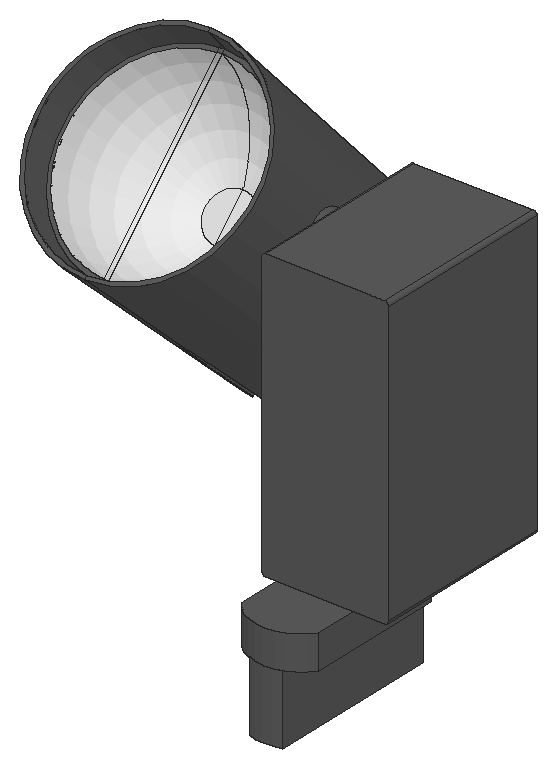
Revit family "0004939 Feilo Sylvania Lighting Fixture START TRACK SPOT S DALI 1262LM 930 MB BLK", category Lighting Fixtures, host Face, Revit 2017
Family settings
  Host = Face
  Round Connector Dimension = Use Diameter
  Part Type = Normal
  OmniClass Number = 23.80.70.00
  OmniClass Title = Lighting
  Cut with Voids When Loaded = No
  Light Source = No
  Shared = No
  Room Calculation Point = No
Parameters (values of type "0004939 START TRACK SPOT S DALI 1262LM 930 MB BLK")
  Weight = "0.94 kg"
  Wattage Comments = ""
  WarrantyStartDate [instance] = "n/a"
  WarrantyGuarantorParts = "n/a"
  WarrantyDurationUnit = "n/a"
  WarrantyDurationParts = "n/a"
  WarrantyDescription = "n/a"
  Voltage = 230 V
  URL = "http://www.sylvania-lighting.com/"
  TypeName = "START TRACK SPOT S DALI 1262LM 930 MB BLK"
  TypeHead_FEILO = Start Track Spot Head : 0004884 START TRACK SPOT S 14W 3K RA90 MB BLACK
  TypeBox_FEILO = Start Track Spot Box : Type Small Black
  Type Image = <None>
  Type Comments = "n/a"
  VerticalRotation_FEILO [instance] = 0.00°
  SlideEndAngle_FEILO [instance] = VerticalRotation_FEILO + 180.00°  # 180.00°
  SerialNumber [instance] = "n/a"
  Material_3_FEILO = none
  PowerFactor = 0.92
  PowerConsumption = "14 W"
  NominalLength = 0 mm
  NominalHeight = 200 mm
  NominalDepth = 140 mm
  Name = "START TRACK SPOT S DALI 1262LM 930 MB BLK"
  ModelReference = Name  # "START TRACK SPOT S DALI 1262LM 930 MB BLK"
  ModelNumber = "0004939"
  Model = Name  # "START TRACK SPOT S DALI 1262LM 930 MB BLK"
  Material = "adc12 aluminium housing, polycarbonate diffuser"
  ManufacturerName = "Feilo Sylvania"
  Manufacturer = "Feilo Sylvania"
  LuminousEfficacy = "90 lm/W"
  LuminaireType = ""
  LightOutputRatio = "100"
  LampsType = Lamp  # "LED"
  LampNominalLuminous = "1262 lm"
  LampMacAdamStep = "3"
  LampColourTemperature = "3000 K"
  LampColourRenderingIndex = "90"
  Lamp = "LED"
  Keynote = "16500"
  InstallationDate [instance] = "n/a"
  InputVoltage = "230-240V~"
  InputNominalFrequency = "50/60 Hz"
  IngressProtection = "IP20"
  ImpactProtectionIndex = "IK02"
  IfcExportType = "IfcLightFixtureType"
  IfcExportAs = "IfcLightFixtureType"
  HorizontalRotation_FEILO [instance] = 45.00°
  ExpectedLife = 50000
  ElectricShockClassification = "Class II"
  DurationUnit = "hours"
  DocumentationLiterature = "http://www.sylvania-lighting.com/product/en-int/products/0004884"
  DimmingControlOptions = "Dimmable"
  Material_2_FEILO = none
  Description = "Integrated LED spotlight, Textured Black - RAL9005, compact and minimalist design, ideal for retail applications, die-cast aluminium body, passive cooling heatsink. Beam angle: 36°, color temperature: 3000K , total system power: 14W, total fixture output: 1262 lm, LOR: 100%, colour rendering: Ra: 90 typical, LED Chromaticity: 3 step MacAdam ellipse, lifetime: >50000 hours at L70B50, energy class: A++, A+, A, IR/UV free light source without heat radiation, operating voltage: 220-240V / 50-60Hz, drive current: 350mA, electronic driver, non-dimmable, power factor: 0.92, electrical protection: Class II, Global Track 3 Phase adapter suitable for Global trac 3-circuit tracks, ingress protection rating: IP20, suitable for internal environment only, horizontal rotation: 355°, vertical tilt: 90°, dimensions: Ø86x140x200, weight: 0.940kg."
  Default Elevation = 1219.2 mm
  CreatedOn = "04/26/2018"
  CreatedBy = ""
  Cost = 0
  built-in parameter 1114216 [instance] = (empty or 0)
  ClassificationValue = "EF_70_80"
  ClassificationName = "Uniclass2015"
  Material_1_FEILO = Body-Sylvania-StartTrackSpot-Black
  BarCode [instance] = "n/a"
  AssetType = "Fixed"
  AssetIdentifier [instance] = "n/a"
  Assembly Code = "D5020200"
  Apparent Load = 14 VA
  Material_4_FEILO = none
Reference planes
  plane 1 "Center (Front/Back)": y = 0
  plane 2: z = 0
  plane 3 "Center (Left/Right)": x = 0
  plane 4: x = 15
  plane 5: x = -15
  plane 6: y = 35
  plane 7: y = -35
  plane 8: z = 13
  plane 9: z = -27
  plane 10: x = 6.5
  plane 11: x = -6.5
  plane 12: y = 27
  plane 13: y = -27
  plane 14: y = 20
Forms (mm)
  Extrusion 1, solid, material "Body-Sylvania-StartTrackSpot-Black" <- "Material_1_FEILO"
    sketch origin (0, 0, 0) x (1, 0, 0) y (0, 1, 0)
      loop
        line (-15, 27) -> (-15, -27)
        arc (-15, -27) -> (0, -35) -> (15, -27) r 18.062
        line (15, -27) -> (15, 27)
        arc (15, 27) -> (0, 35) -> (-15, 27) r 18.062
    from 0 to 13
  Extrusion 2, solid, material "Body-Sylvania-StartTrackSpot-Black" <- "Material_1_FEILO"
    sketch origin (0, 0, 0) x (1, 0, 0) y (0, 1, 0)
      loop
        arc (6.5, 33.79) -> (0, 35) -> (-6.5, 33.79) r 18.062
        line (-6.5, 33.79) -> (-6.5, -33.79)
        arc (-6.5, -33.79) -> (0, -35) -> (6.5, -33.79) r 18.062
        line (6.5, -33.79) -> (6.5, 33.79)
    from 0 to -27
  Revolve 3, solid, not visible
    sketch origin (1524, 20, 1219.2) x (1, 0, 0) y (0, 0, 1)
      loop
        line (-1524, -1206.2) -> (-1524, -1191.285) -> (-1530.5, -1191.285) -> (-1530.5, -1206.2) -> (-1524, -1206.2)
      axis (-1524, -1191.285) -> (-1524, -1206.2)
    angle from 0 <- "VerticalRotation_FEILO" to 180 <- "SlideEndAngle_FEILO"
Cuts and joins
  joined: Extrusion 1, Extrusion 2
Dimensions and locks
  equal spacing: plane 10, plane 3 "Center (Left/Right)", plane 11
  equal spacing: plane 4, plane 3 "Center (Left/Right)", plane 5
  locked: plane 8 to plane 2 at 13
  locked: plane 8 to plane 9 at 40
  equal spacing: plane 13, plane 1 "Center (Front/Back)", plane 12
  locked: plane 12 to plane 6 at 8
  locked: plane 14 to plane 6 at 15
  locked: Revolve 3 sketch curve to plane 8 at 14.915
  aligned and locked: plane 2 to host face
  aligned and locked: level to host face
  aligned and locked: plane 5 to Extrusion 1 sketch curve  (x2)
  aligned and locked: plane 12 to Extrusion 1 sketch curve
  aligned and locked: plane 13 to Extrusion 1 sketch curve
  aligned and locked: plane 4 to Extrusion 1 sketch curve
  aligned and locked: Extrusion 1 to plane 8
  aligned and locked: Extrusion 1 to level
  aligned and locked: Extrusion 2 sketch curve to Extrusion 1  (x2)
  aligned and locked: Extrusion 2 sketch curve to plane 11
  aligned and locked: plane 10 to Extrusion 2 sketch curve
  aligned and locked: plane 9 to Extrusion 2
  aligned and locked: level to Extrusion 2
  aligned and locked: Revolve 3 sketch curve to plane 3 "Center (Left/Right)"  (x2)
  aligned and locked: plane 11 to Revolve 3 sketch curve
  aligned and locked: Revolve 3 sketch curve to plane 8
Automatic sketch dimensions
  host sketch curve to host sketch curve = 2438.4 mm  (x2)
  Extrusion 1 sketch curve to plane 3 "Center (Left/Right)" = 0 mm  (x2)
  Extrusion 1 sketch curve to plane 13 = 10.062 mm
  plane 12 to Extrusion 1 sketch curve = 10.062 mm
  Revolve 3 sketch curve to plane 3 "Center (Left/Right)" = 0 mm
  plane 9 to Revolve 3 sketch curve = 582.6 mm
  Revolve 3 sketch curve to Revolve 3 sketch curve = 2581.144 mm
Nested families
  nested 1: "Start Track Spot Head" at (-62, 20, 112.529) x (0, 0.7071, 0.7071) z (0, 0.7071, -0.7071), type <- "TypeHead_FEILO", type "0004884 START TRACK SPOT S 14W 3K RA90 MB BLACK"
    with built-in parameter 1114216 (empty or 0)
  nested 2: "Start Track Spot Box" at (8.5, 20, 73) x (-1, 0, 0) z (0, -1, 0), BoxStartAngle_FEILO <- "HorizontalRotation_FEILO", type <- "TypeBox_FEILO", type "Type Small Black"
    with BoxStartAngle_FEILO 45.00°, BoxEndAngle_FEILO -135.00°
Connectors
  electrical at (0, 0, 0), driven by "Apparent Load", driven by "PowerFactor", driven by "Voltage"
    settings: index 1, voltage 230 V, apparent load 14 VA, apparent load phase1 0 VA, apparent load phase2 0 VA, apparent load phase3 0 VA, power factor 0.92, load classification "Lighting", number of poles 1, system type 30, power factor state 1, is connector primary yes, connector utility no, sub classification motor no, connector description ""
Definition of nested family "Start Track Spot Head"
  Parameters (values of type "0004811 START TRACK SPOT S 14W 3K RA80 NB WHITE")
    Wattage Comments = "n/a"
    Wattage = 14 W
    built-in parameter 1150110 = 1 (stored number, unit not read)
    URL = "http://www.feilosylvania.com"
    Type Image = (empty or 0)
    Type Comments = "n/a"
    built-in parameter 1114217 = 1 (stored number, unit not read)
    Tilt Angle = -90.00°
    built-in parameter 1150109 = 1 (stored number, unit not read)
    built-in parameter 1150134 = (empty or 0)
    built-in parameter 1150113 = 1 (stored number, unit not read)
    Photometric Web File = "0004811.ies"
    Material_3_FEILO = none
    Model = "START TRACK SPOT S 14W 3K RA80 NB WHITE"
    Manufacturer = "Feilo Sylvania"
    built-in parameter 1150105 = 123.66 (stored number, unit not read)
    Lumens = 1554 lm
    built-in parameter 1150115 = 1 (stored number, unit not read)
    built-in parameter 1150137 = (empty or 0)
    built-in parameter 1150139 = (empty or 0)
    built-in parameter 1150112 = 1 (stored number, unit not read)
    built-in parameter 1150114 = 1 (stored number, unit not read)
    Lamp = "LED"
    Keynote = "16500"
    Material_2_FEILO = none
    built-in parameter 1150132 = (empty or 0)
    built-in parameter 1150102 = (empty or 0)
    built-in parameter 1150107 = 3000 (stored number, unit not read)
    built-in parameter 1150138 = (empty or 0)
    built-in parameter 1150106 = 1.2366 (stored number, unit not read)
    HeadThickness_FEILO = if(HeadDiaOut_FEILO > 112 mm, 2 mm, 1.5 mm)  # 1.5 mm
    HeadRibOffset_FEILO = HeadHeight_FEILO / 28  # 4.179 mm
    HeadRibDepth_FEILO = HeadHeight_FEILO / 2.1  # 55.714 mm
    HeadRibCutWidth_FEILO = HeadDiaOut_FEILO / 12  # 7.167 mm
    HeadRibCutOffset_FEILO = HeadHeight_FEILO / 2.3  # 50.87 mm
    HeadReflectorRadius_FEILO = HeadDiaOut_FEILO / 1.7  # 50.588 mm
    HeadReflectorOffset_FEILO = HeadHeight_FEILO / 2.1  # 55.714 mm
    HeadLEDRadius_FEILO = HeadDiaOut_FEILO / 9  # 9.556 mm
    HeadHeight_FEILO = 117 mm
    HeadDraft_FEILO = 1 mm
    HeadDiffusorThickness_FEILO = 3 mm
    HeadDiffusorOffset_FEILO = HeadHeight_FEILO / 12.4  # 9.435 mm
    HeadDiaOut_FEILO = 86 mm
    HeadDiaIn_FEILO = HeadDiaOut_FEILO / 1.11  # 77.477 mm
    HeadAxisFromTop_FEILO = HeadHeight_FEILO / 1.687  # 69.354 mm
    Emit from Circle Diameter = HeadDiaIn_FEILO  # 77.477 mm
    Emit Shape Visible in Rendering = no
    built-in parameter 1150104 = 10.312 (stored number, unit not read)
    Dimming Lamp Color Temperature Shift = (empty or 0)
    Description = "Integrated LED spotlight, Textured White - RAL9016, compact and minimalist design, ideal for retail applications, die-cast aluminium body, passive cooling heatsink. Beam angle: 12°, color temperature: 3000K , total system power: 14W, total fixture output: 1551 lm, LOR: 100%, colour rendering: Ra: 80 typical, LED Chromaticity: 3 step MacAdam ellipse, lifetime: >50000 hours at L70B50, energy class: A++, A+, A, IR/UV free light source without heat radiation, operating voltage: 220-240V / 50-60Hz, drive current: 350mA, electronic driver, non-dimmable, power factor: 0.92, electrical protection: Class II, Global Track 3 Phase adapter suitable for Global trac 3-circuit tracks, ingress protection rating: IP20, suitable for internal environment only, horizontal rotation: 355°, vertical tilt: 90°, dimensions: Ø86x140x200, weight: 0.940kg."
    Default Elevation = 1219.2 mm
    Cost = 0
    Color Filter = 16777215
    built-in parameter 1114216 [instance] = (empty or 0)
    Material_1_FEILO = none
    built-in parameter 1114218 = 1 (stored number, unit not read)
    built-in parameter 1150133 = 10 (stored number, unit not read)
    Assembly Code = "D5020200"
    Apparent Load = 14 VA
    Material_4_FEILO = none
  Types (96, lengths in mm): name | Wattage | built-in parameter 1150134 | Photometric Web File | Model | built-in parameter 1150105 | Lumens | built-in parameter 1150107 | built-in parameter 1150106 | HeadThickness_FEILO | HeadRibOffset_FEILO | HeadRibDepth_FEILO | HeadRibCutWidth_FEILO | HeadRibCutOffset_FEILO | HeadReflectorRadius_FEILO | HeadReflectorOffset_FEILO | HeadLEDRadius_FEILO | HeadHeight_FEILO | HeadDiffusorOffset_FEILO | HeadDiaOut_FEILO | HeadDiaIn_FEILO | HeadAxisFromTop_FEILO | Emit from Circle Diameter | built-in parameter 1150104 | Description | Apparent Load
    0004906 START TRACK SPOT L 55W 4K RA90 WB BLACK | 55 W | 12 | "0004906.ies" | "START TRACK SPOT L 55W 4K RA90 WB BLACK" | 385.15 (stored number, unit not read) | 4840 lm | 4000 (stored number, unit not read) | 3.8515 (stored number, unit not read) | 2 | 4.429 | 59.048 | 9.417 | 53.913 | 66.471 | 59.048 | 12.556 | 124 | 10 | 113 | 101.802 | 73.503 | 101.802 | 8.1755 (stored number, unit not read) | "Integrated LED spotlight, Textured Black - RAL9005, compact and minimalist design, ideal for retail applications, die-cast aluminium body, passive cooling heatsink. Beam angle: 52°, color temperature: 4000K , total system power: 55W, total fixture output: 4824 lm, LOR: 100%, colour rendering: Ra: 90 typical, LED Chromaticity: 3 step MacAdam ellipse, lifetime: >50000 hours at L70B50, energy class: A++, A+, A, IR/UV free light source without heat radiation, operating voltage: 220-240V / 50-60Hz, drive current: 1400mA, electronic driver, non-dimmable, power factor: 0.96, electrical protection: Class II, Global Track 3 Phase adapter suitable for Global trac 3-circuit tracks, ingress protection rating: IP20, suitable for internal environment only, horizontal rotation: 355°, vertical tilt: 90°, dimensions: Ø113x164x240, weight: 1.398kg." | 55 VA
    0004905 START TRACK SPOT L 55W 4K RA90 MB BLACK | 55 W | 12 | "0004905.ies" | "START TRACK SPOT L 55W 4K RA90 MB BLACK" | 389.53 (stored number, unit not read) | 4895 lm | 4000 (stored number, unit not read) | 3.8953 (stored number, unit not read) | 2 | 4.429 | 59.048 | 9.417 | 53.913 | 66.471 | 59.048 | 12.556 | 124 | 10 | 113 | 101.802 | 73.503 | 101.802 | 8.2684 (stored number, unit not read) | "Integrated LED spotlight, Textured Black - RAL9005, compact and minimalist design, ideal for retail applications, die-cast aluminium body, passive cooling heatsink. Beam angle: 38°, color temperature: 4000K , total system power: 55W, total fixture output: 4897 lm, LOR: 100%, colour rendering: Ra: 90 typical, LED Chromaticity: 3 step MacAdam ellipse, lifetime: >50000 hours at L70B50, energy class: A++, A+, A, IR/UV free light source without heat radiation, operating voltage: 220-240V / 50-60Hz, drive current: 1400mA, electronic driver, non-dimmable, power factor: 0.96, electrical protection: Class II, Global Track 3 Phase adapter suitable for Global trac 3-circuit tracks, ingress protection rating: IP20, suitable for internal environment only, horizontal rotation: 355°, vertical tilt: 90°, dimensions: Ø113x164x240, weight: 1.398kg." | 55 VA
    0004904 START TRACK SPOT L 55W 4K RA90 NB BLACK | 55 W | 12 | "0004904.ies" | "START TRACK SPOT L 55W 4K RA90 NB BLACK" | 393.91 (stored number, unit not read) | 4950 lm | 4000 (stored number, unit not read) | 3.9391 (stored number, unit not read) | 2 | 4.429 | 59.048 | 9.417 | 53.913 | 66.471 | 59.048 | 12.556 | 124 | 10 | 113 | 101.802 | 73.503 | 101.802 | 8.3613 (stored number, unit not read) | "Integrated LED spotlight, Textured Black - RAL9005, compact and minimalist design, ideal for retail applications, die-cast aluminium body, passive cooling heatsink. Beam angle: 15°, color temperature: 4000K , total system power: 55W, total fixture output: 4965 lm, LOR: 100%, colour rendering: Ra: 90 typical, LED Chromaticity: 3 step MacAdam ellipse, lifetime: >50000 hours at L70B50, energy class: A++, A+, A, IR/UV free light source without heat radiation, operating voltage: 220-240V / 50-60Hz, drive current: 1400mA, electronic driver, non-dimmable, power factor: 0.96, electrical protection: Class II, Global Track 3 Phase adapter suitable for Global trac 3-circuit tracks, ingress protection rating: IP20, suitable for internal environment only, horizontal rotation: 355°, vertical tilt: 90°, dimensions: Ø113x164x240, weight: 1.398kg." | 55 VA
    0004903 START TRACK SPOT L 35W 4K RA90 WB BLACK | 35 W | 12 | "0004903.ies" | "START TRACK SPOT L 35W 4K RA90 WB BLACK" | 284.09 (stored number, unit not read) | 3570 lm | 4000 (stored number, unit not read) | 2.8409 (stored number, unit not read) | 2 | 4.429 | 59.048 | 9.417 | 53.913 | 66.471 | 59.048 | 12.556 | 124 | 10 | 113 | 101.802 | 73.503 | 101.802 | 9.4761 (stored number, unit not read) | "Integrated LED spotlight, Textured Black - RAL9005, compact and minimalist design, ideal for retail applications, die-cast aluminium body, passive cooling heatsink. Beam angle: 52°, color temperature: 4000K , total system power: 35W, total fixture output: 3562 lm, LOR: 100%, colour rendering: Ra: 90 typical, LED Chromaticity: 3 step MacAdam ellipse, lifetime: >50000 hours at L70B50, energy class: A++, A+, A, IR/UV free light source without heat radiation, operating voltage: 220-240V / 50-60Hz, drive current: 900mA, electronic driver, non-dimmable, power factor: 0.93, electrical protection: Class II, Global Track 3 Phase adapter suitable for Global trac 3-circuit tracks, ingress protection rating: IP20, suitable for internal environment only, horizontal rotation: 355°, vertical tilt: 90°, dimensions: Ø113x164x240, weight: 1.368kg." | 35 VA
    0004902 START TRACK SPOT L 35W 4K RA90 MB BLACK | 35 W | 12 | "0004902.ies" | "START TRACK SPOT L 35W 4K RA90 MB BLACK" | 286.88 (stored number, unit not read) | 3605 lm | 4000 (stored number, unit not read) | 2.8688 (stored number, unit not read) | 2 | 4.429 | 59.048 | 9.417 | 53.913 | 66.471 | 59.048 | 12.556 | 124 | 10 | 113 | 101.802 | 73.503 | 101.802 | 9.569 (stored number, unit not read) | "Integrated LED spotlight, Textured Black - RAL9005, compact and minimalist design, ideal for retail applications, die-cast aluminium body, passive cooling heatsink. Beam angle: 38°, color temperature: 4000K , total system power: 35W, total fixture output: 3616 lm, LOR: 100%, colour rendering: Ra: 90 typical, LED Chromaticity: 3 step MacAdam ellipse, lifetime: >50000 hours at L70B50, energy class: A++, A+, A, IR/UV free light source without heat radiation, operating voltage: 220-240V / 50-60Hz, drive current: 900mA, electronic driver, non-dimmable, power factor: 0.93, electrical protection: Class II, Global Track 3 Phase adapter suitable for Global trac 3-circuit tracks, ingress protection rating: IP20, suitable for internal environment only, horizontal rotation: 355°, vertical tilt: 90°, dimensions: Ø113x164x240, weight: 1.368kg." | 35 VA
    0004901 START TRACK SPOT L 35W 4K RA90 NB BLACK | 35 W | 12 | "0004901.ies" | "START TRACK SPOT L 35W 4K RA90 NB BLACK" | 286.88 (stored number, unit not read) | 3605 lm | 4000 (stored number, unit not read) | 2.8688 (stored number, unit not read) | 2 | 4.429 | 59.048 | 9.417 | 53.913 | 66.471 | 59.048 | 12.556 | 124 | 10 | 113 | 101.802 | 73.503 | 101.802 | 9.569 (stored number, unit not read) | "Integrated LED spotlight, Textured Black - RAL9005, compact and minimalist design, ideal for retail applications, die-cast aluminium body, passive cooling heatsink. Beam angle: 15°, color temperature: 4000K , total system power: 35W, total fixture output: 3593 lm, LOR: 100%, colour rendering: Ra: 90 typical, LED Chromaticity: 3 step MacAdam ellipse, lifetime: >50000 hours at L70B50, energy class: A++, A+, A, IR/UV free light source without heat radiation, operating voltage: 220-240V / 50-60Hz, drive current: 900mA, electronic driver, non-dimmable, power factor: 0.93, electrical protection: Class II, Global Track 3 Phase adapter suitable for Global trac 3-circuit tracks, ingress protection rating: IP20, suitable for internal environment only, horizontal rotation: 355°, vertical tilt: 90°, dimensions: Ø113x164x240, weight: 1.368kg." | 35 VA
    0004900 START TRACK SPOT S 24W 4K RA90 WB BLACK | 24 W | 12 | "0004900.ies" | "START TRACK SPOT S 24W 4K RA90 WB BLACK" | 166.16 (stored number, unit not read) | 2088 lm | 4000 (stored number, unit not read) | 1.6616 (stored number, unit not read) | 1.5 | 4.179 | 55.714 | 7.167 | 50.87 | 50.588 | 55.714 | 9.556 | 117 | 9.435 | 86 | 77.477 | 69.354 | 77.477 | 8.0826 (stored number, unit not read) | "Integrated LED spotlight, Textured Black - RAL9005, compact and minimalist design, ideal for retail applications, die-cast aluminium body, passive cooling heatsink. Beam angle: 64°, color temperature: 4000K , total system power: 24W, total fixture output: 2087 lm, LOR: 100%, colour rendering: Ra: 90 typical, LED Chromaticity: 3 step MacAdam ellipse, lifetime: >50000 hours at L70B50, energy class: A++, A+, A, IR/UV free light source without heat radiation, operating voltage: 220-240V / 50-60Hz, drive current: 600mA, electronic driver, non-dimmable, power factor: 0.95, electrical protection: Class II, Global Track 3 Phase adapter suitable for Global trac 3-circuit tracks, ingress protection rating: IP20, suitable for internal environment only, horizontal rotation: 355°, vertical tilt: 90°, dimensions: Ø86x140x200, weight: 0.966kg." | 24 VA
    0004899 START TRACK SPOT S 24W 4K RA90 MB BLACK | 24 W | 12 | "0004899.ies" | "START TRACK SPOT S 24W 4K RA90 MB BLACK" | 169.98 (stored number, unit not read) | 2136 lm | 4000 (stored number, unit not read) | 1.6998 (stored number, unit not read) | 1.5 | 4.179 | 55.714 | 7.167 | 50.87 | 50.588 | 55.714 | 9.556 | 117 | 9.435 | 86 | 77.477 | 69.354 | 77.477 | 8.2684 (stored number, unit not read) | "Integrated LED spotlight, Textured Black - RAL9005, compact and minimalist design, ideal for retail applications, die-cast aluminium body, passive cooling heatsink. Beam angle: 36°, color temperature: 4000K , total system power: 24W, total fixture output: 2141 lm, LOR: 100%, colour rendering: Ra: 90 typical, LED Chromaticity: 3 step MacAdam ellipse, lifetime: >50000 hours at L70B50, energy class: A++, A+, A, IR/UV free light source without heat radiation, operating voltage: 220-240V / 50-60Hz, drive current: 600mA, electronic driver, non-dimmable, power factor: 0.95, electrical protection: Class II, Global Track 3 Phase adapter suitable for Global trac 3-circuit tracks, ingress protection rating: IP20, suitable for internal environment only, horizontal rotation: 355°, vertical tilt: 90°, dimensions: Ø86x140x200, weight: 0.966kg." | 24 VA
    0004898 START TRACK SPOT S 24W 4K RA90 NB BLACK | 24 W | 12 | "0004898.ies" | "START TRACK SPOT S 24W 4K RA90 NB BLACK" | 171.89 (stored number, unit not read) | 2160 lm | 4000 (stored number, unit not read) | 1.7189 (stored number, unit not read) | 1.5 | 4.179 | 55.714 | 7.167 | 50.87 | 50.588 | 55.714 | 9.556 | 117 | 9.435 | 86 | 77.477 | 69.354 | 77.477 | 8.3613 (stored number, unit not read) | "Integrated LED spotlight, Textured Black - RAL9005, compact and minimalist design, ideal for retail applications, die-cast aluminium body, passive cooling heatsink. Beam angle: 12°, color temperature: 4000K , total system power: 24W, total fixture output: 2155 lm, LOR: 100%, colour rendering: Ra: 90 typical, LED Chromaticity: 3 step MacAdam ellipse, lifetime: >50000 hours at L70B50, energy class: A++, A+, A, IR/UV free light source without heat radiation, operating voltage: 220-240V / 50-60Hz, drive current: 600mA, electronic driver, non-dimmable, power factor: 0.95, electrical protection: Class II, Global Track 3 Phase adapter suitable for Global trac 3-circuit tracks, ingress protection rating: IP20, suitable for internal environment only, horizontal rotation: 355°, vertical tilt: 90°, dimensions: Ø86x140x200, weight: 0.966kg." | 24 VA
    0004897 START TRACK SPOT S 14W 4K RA90 WB BLACK | 14 W | 12 | "0004897.ies" | "START TRACK SPOT S 14W 4K RA90 WB BLACK" | 108.07 (stored number, unit not read) | 1358 lm | 4000 (stored number, unit not read) | 1.0807 (stored number, unit not read) | 1.5 | 4.179 | 55.714 | 7.167 | 50.87 | 50.588 | 55.714 | 9.556 | 117 | 9.435 | 86 | 77.477 | 69.354 | 77.477 | 9.0116 (stored number, unit not read) | "Integrated LED spotlight, Textured Black - RAL9005, compact and minimalist design, ideal for retail applications, die-cast aluminium body, passive cooling heatsink. Beam angle: 64°, color temperature: 4000K , total system power: 14W, total fixture output: 1352 lm, LOR: 100%, colour rendering: Ra: 90 typical, LED Chromaticity: 3 step MacAdam ellipse, lifetime: >50000 hours at L70B50, energy class: A++, A+, A, IR/UV free light source without heat radiation, operating voltage: 220-240V / 50-60Hz, drive current: 350mA, electronic driver, non-dimmable, power factor: 0.92, electrical protection: Class II, Global Track 3 Phase adapter suitable for Global trac 3-circuit tracks, ingress protection rating: IP20, suitable for internal environment only, horizontal rotation: 355°, vertical tilt: 90°, dimensions: Ø86x140x200, weight: 0.940kg." | 14 VA
    0004896 START TRACK SPOT S 14W 4K RA90 MB BLACK | 14 W | 12 | "0004896.ies" | "START TRACK SPOT S 14W 4K RA90 MB BLACK" | 108.07 (stored number, unit not read) | 1358 lm | 4000 (stored number, unit not read) | 1.0807 (stored number, unit not read) | 1.5 | 4.179 | 55.714 | 7.167 | 50.87 | 50.588 | 55.714 | 9.556 | 117 | 9.435 | 86 | 77.477 | 69.354 | 77.477 | 9.0116 (stored number, unit not read) | "Integrated LED spotlight, Textured Black - RAL9005, compact and minimalist design, ideal for retail applications, die-cast aluminium body, passive cooling heatsink. Beam angle: 36°, color temperature: 4000K , total system power: 14W, total fixture output: 1359 lm, LOR: 100%, colour rendering: Ra: 90 typical, LED Chromaticity: 3 step MacAdam ellipse, lifetime: >50000 hours at L70B50, energy class: A++, A+, A, IR/UV free light source without heat radiation, operating voltage: 220-240V / 50-60Hz, drive current: 350mA, electronic driver, non-dimmable, power factor: 0.92, electrical protection: Class II, Global Track 3 Phase adapter suitable for Global trac 3-circuit tracks, ingress protection rating: IP20, suitable for internal environment only, horizontal rotation: 355°, vertical tilt: 90°, dimensions: Ø86x140x200, weight: 0.940kg." | 14 VA
    0004895 START TRACK SPOT S 14W 4K RA90 NB BLACK | 14 W | 12 | "0004895.ies" | "START TRACK SPOT S 14W 4K RA90 NB BLACK" | 106.95 (stored number, unit not read) | 1344 lm | 4000 (stored number, unit not read) | 1.0695 (stored number, unit not read) | 1.5 | 4.179 | 55.714 | 7.167 | 50.87 | 50.588 | 55.714 | 9.556 | 117 | 9.435 | 86 | 77.477 | 69.354 | 77.477 | 8.9187 (stored number, unit not read) | "Integrated LED spotlight, Textured Black - RAL9005, compact and minimalist design, ideal for retail applications, die-cast aluminium body, passive cooling heatsink. Beam angle: 12°, color temperature: 4000K , total system power: 14W, total fixture output: 1349 lm, LOR: 100%, colour rendering: Ra: 90 typical, LED Chromaticity: 3 step MacAdam ellipse, lifetime: >50000 hours at L70B50, energy class: A++, A+, A, IR/UV free light source without heat radiation, operating voltage: 220-240V / 50-60Hz, drive current: 350mA, electronic driver, non-dimmable, power factor: 0.92, electrical protection: Class II, Global Track 3 Phase adapter suitable for Global trac 3-circuit tracks, ingress protection rating: IP20, suitable for internal environment only, horizontal rotation: 355°, vertical tilt: 90°, dimensions: Ø86x140x200, weight: 0.940kg." | 14 VA
    0004894 START TRACK SPOT L 55W 3K RA90 WB BLACK | 55 W | (empty or 0) | "0004894.ies" | "START TRACK SPOT L 55W 3K RA90 WB BLACK" | 350.14 (stored number, unit not read) | 4400 lm | 3000 (stored number, unit not read) | 3.5014 (stored number, unit not read) | 2 | 4.429 | 59.048 | 9.417 | 53.913 | 66.471 | 59.048 | 12.556 | 124 | 10 | 113 | 101.802 | 73.503 | 101.802 | 7.4322 (stored number, unit not read) | "Integrated LED spotlight, Textured Black - RAL9005, compact and minimalist design, ideal for retail applications, die-cast aluminium body, passive cooling heatsink. Beam angle: 52°, color temperature: 3000K , total system power: 55W, total fixture output: 4405 lm, LOR: 100%, colour rendering: Ra: 90 typical, LED Chromaticity: 3 step MacAdam ellipse, lifetime: >50000 hours at L70B50, energy class: A++, A+, A, IR/UV free light source without heat radiation, operating voltage: 220-240V / 50-60Hz, drive current: 1400mA, electronic driver, non-dimmable, power factor: 0.96, electrical protection: Class II, Global Track 3 Phase adapter suitable for Global trac 3-circuit tracks, ingress protection rating: IP20, suitable for internal environment only, horizontal rotation: 355°, vertical tilt: 90°, dimensions: Ø113x164x240, weight: 1.398kg." | 55 VA
    0004893 START TRACK SPOT L 55W 3K RA90 MB BLACK | 55 W | (empty or 0) | "0004893.ies" | "START TRACK SPOT L 55W 3K RA90 MB BLACK" | 354.52 (stored number, unit not read) | 4455 lm | 3000 (stored number, unit not read) | 3.5452 (stored number, unit not read) | 2 | 4.429 | 59.048 | 9.417 | 53.913 | 66.471 | 59.048 | 12.556 | 124 | 10 | 113 | 101.802 | 73.503 | 101.802 | 7.5251 (stored number, unit not read) | "Integrated LED spotlight, Textured Black - RAL9005, compact and minimalist design, ideal for retail applications, die-cast aluminium body, passive cooling heatsink. Beam angle: 38°, color temperature: 3000K , total system power: 55W, total fixture output: 4448 lm, LOR: 100%, colour rendering: Ra: 90 typical, LED Chromaticity: 3 step MacAdam ellipse, lifetime: >50000 hours at L70B50, energy class: A++, A+, A, IR/UV free light source without heat radiation, operating voltage: 220-240V / 50-60Hz, drive current: 1400mA, electronic driver, non-dimmable, power factor: 0.96, electrical protection: Class II, Global Track 3 Phase adapter suitable for Global trac 3-circuit tracks, ingress protection rating: IP20, suitable for internal environment only, horizontal rotation: 355°, vertical tilt: 90°, dimensions: Ø113x164x240, weight: 1.398kg." | 55 VA
    0004892 START TRACK SPOT L 55W 3K RA90 NB BLACK | 55 W | (empty or 0) | "0004892.ies" | "START TRACK SPOT L 55W 3K RA90 NB BLACK" | 350.14 (stored number, unit not read) | 4400 lm | 3000 (stored number, unit not read) | 3.5014 (stored number, unit not read) | 2 | 4.429 | 59.048 | 9.417 | 53.913 | 66.471 | 59.048 | 12.556 | 124 | 10 | 113 | 101.802 | 73.503 | 101.802 | 7.4322 (stored number, unit not read) | "Integrated LED spotlight, Textured Black - RAL9005, compact and minimalist design, ideal for retail applications, die-cast aluminium body, passive cooling heatsink. Beam angle: 15°, color temperature: 3000K , total system power: 55W, total fixture output: 4416 lm, LOR: 100%, colour rendering: Ra: 90 typical, LED Chromaticity: 3 step MacAdam ellipse, lifetime: >50000 hours at L70B50, energy class: A++, A+, A, IR/UV free light source without heat radiation, operating voltage: 220-240V / 50-60Hz, drive current: 1400mA, electronic driver, non-dimmable, power factor: 0.96, electrical protection: Class II, Global Track 3 Phase adapter suitable for Global trac 3-circuit tracks, ingress protection rating: IP20, suitable for internal environment only, horizontal rotation: 355°, vertical tilt: 90°, dimensions: Ø113x164x240, weight: 1.398kg." | 55 VA
    0004891 START TRACK SPOT L 35W 3K RA90 WB BLACK | 35 W | (empty or 0) | "0004891.ies" | "START TRACK SPOT L 35W 3K RA90 WB BLACK" | 259.02 (stored number, unit not read) | 3255 lm | 3000 (stored number, unit not read) | 2.5902 (stored number, unit not read) | 2 | 4.429 | 59.048 | 9.417 | 53.913 | 66.471 | 59.048 | 12.556 | 124 | 10 | 113 | 101.802 | 73.503 | 101.802 | 8.64 (stored number, unit not read) | "Integrated LED spotlight, Textured Black - RAL9005, compact and minimalist design, ideal for retail applications, die-cast aluminium body, passive cooling heatsink. Beam angle: 52°, color temperature: 3000K , total system power: 35W, total fixture output: 3260 lm, LOR: 100%, colour rendering: Ra: 90 typical, LED Chromaticity: 3 step MacAdam ellipse, lifetime: >50000 hours at L70B50, energy class: A++, A+, A, IR/UV free light source without heat radiation, operating voltage: 220-240V / 50-60Hz, drive current: 900mA, electronic driver, non-dimmable, power factor: 0.93, electrical protection: Class II, Global Track 3 Phase adapter suitable for Global trac 3-circuit tracks, ingress protection rating: IP20, suitable for internal environment only, horizontal rotation: 355°, vertical tilt: 90°, dimensions: Ø113x164x240, weight: 1.368kg." | 35 VA
    0004890 START TRACK SPOT L 35W 3K RA90 MB BLACK | 35 W | (empty or 0) | "0004890.ies" | "START TRACK SPOT L 35W 3K RA90 MB BLACK" | 261.81 (stored number, unit not read) | 3290 lm | 3000 (stored number, unit not read) | 2.6181 (stored number, unit not read) | 2 | 4.429 | 59.048 | 9.417 | 53.913 | 66.471 | 59.048 | 12.556 | 124 | 10 | 113 | 101.802 | 73.503 | 101.802 | 8.7329 (stored number, unit not read) | "Integrated LED spotlight, Textured Black - RAL9005, compact and minimalist design, ideal for retail applications, die-cast aluminium body, passive cooling heatsink. Beam angle: 38°, color temperature: 3000K , total system power: 35W, total fixture output: 3306 lm, LOR: 100%, colour rendering: Ra: 90 typical, LED Chromaticity: 3 step MacAdam ellipse, lifetime: >50000 hours at L70B50, energy class: A++, A+, A, IR/UV free light source without heat radiation, operating voltage: 220-240V / 50-60Hz, drive current: 900mA, electronic driver, non-dimmable, power factor: 0.93, electrical protection: Class II, Global Track 3 Phase adapter suitable for Global trac 3-circuit tracks, ingress protection rating: IP20, suitable for internal environment only, horizontal rotation: 355°, vertical tilt: 90°, dimensions: Ø113x164x240, weight: 1.368kg." | 35 VA
    0004889 START TRACK SPOT L 35W 3K RA90 NB BLACK | 35 W | (empty or 0) | "0004889.ies" | "START TRACK SPOT L 35W 3K RA90 NB BLACK" | 261.81 (stored number, unit not read) | 3290 lm | 3000 (stored number, unit not read) | 2.6181 (stored number, unit not read) | 2 | 4.429 | 59.048 | 9.417 | 53.913 | 66.471 | 59.048 | 12.556 | 124 | 10 | 113 | 101.802 | 73.503 | 101.802 | 8.7329 (stored number, unit not read) | "Integrated LED spotlight, Textured Black - RAL9005, compact and minimalist design, ideal for retail applications, die-cast aluminium body, passive cooling heatsink. Beam angle: 15°, color temperature: 3000K , total system power: 35W, total fixture output: 3287 lm, LOR: 100%, colour rendering: Ra: 90 typical, LED Chromaticity: 3 step MacAdam ellipse, lifetime: >50000 hours at L70B50, energy class: A++, A+, A, IR/UV free light source without heat radiation, operating voltage: 220-240V / 50-60Hz, drive current: 900mA, electronic driver, non-dimmable, power factor: 0.93, electrical protection: Class II, Global Track 3 Phase adapter suitable for Global trac 3-circuit tracks, ingress protection rating: IP20, suitable for internal environment only, horizontal rotation: 355°, vertical tilt: 90°, dimensions: Ø113x164x240, weight: 1.368kg." | 35 VA
    0004888 START TRACK SPOT S 24W 3K RA90 WB BLACK | 24 W | (empty or 0) | "0004888.ies" | "START TRACK SPOT S 24W 3K RA90 WB BLACK" | 152.79 (stored number, unit not read) | 1920 lm | 3000 (stored number, unit not read) | 1.5279 (stored number, unit not read) | 1.5 | 4.179 | 55.714 | 7.167 | 50.87 | 50.588 | 55.714 | 9.556 | 117 | 9.435 | 86 | 77.477 | 69.354 | 77.477 | 7.4322 (stored number, unit not read) | "Integrated LED spotlight, Textured Black - RAL9005, compact and minimalist design, ideal for retail applications, die-cast aluminium body, passive cooling heatsink. Beam angle: 64°, color temperature: 3000K , total system power: 24W, total fixture output: 1928 lm, LOR: 100%, colour rendering: Ra: 90 typical, LED Chromaticity: 3 step MacAdam ellipse, lifetime: >50000 hours at L70B50, energy class: A++, A+, A, IR/UV free light source without heat radiation, operating voltage: 220-240V / 50-60Hz, drive current: 600mA, electronic driver, non-dimmable, power factor: 0.95, electrical protection: Class II, Global Track 3 Phase adapter suitable for Global trac 3-circuit tracks, ingress protection rating: IP20, suitable for internal environment only, horizontal rotation: 355°, vertical tilt: 90°, dimensions: Ø86x140x200, weight: 0.966kg." | 24 VA
    0004887 START TRACK SPOT S 24W 3K RA90 MB BLACK | 24 W | (empty or 0) | "0004887.ies" | "START TRACK SPOT S 24W 3K RA90 MB BLACK" | 154.7 (stored number, unit not read) | 1944 lm | 3000 (stored number, unit not read) | 1.547 (stored number, unit not read) | 1.5 | 4.179 | 55.714 | 7.167 | 50.87 | 50.588 | 55.714 | 9.556 | 117 | 9.435 | 86 | 77.477 | 69.354 | 77.477 | 7.5251 (stored number, unit not read) | "Integrated LED spotlight, Textured Black - RAL9005, compact and minimalist design, ideal for retail applications, die-cast aluminium body, passive cooling heatsink. Beam angle: 36°, color temperature: 3000K , total system power: 24W, total fixture output: 1944 lm, LOR: 100%, colour rendering: Ra: 90 typical, LED Chromaticity: 3 step MacAdam ellipse, lifetime: >50000 hours at L70B50, energy class: A++, A+, A, IR/UV free light source without heat radiation, operating voltage: 220-240V / 50-60Hz, drive current: 600mA, electronic driver, non-dimmable, power factor: 0.95, electrical protection: Class II, Global Track 3 Phase adapter suitable for Global trac 3-circuit tracks, ingress protection rating: IP20, suitable for internal environment only, horizontal rotation: 355°, vertical tilt: 90°, dimensions: Ø86x140x200, weight: 0.966kg." | 24 VA
    0004886 START TRACK SPOT S 24W 3K RA90 NB BLACK | 24 W | (empty or 0) | "0004886.ies" | "START TRACK SPOT S 24W 3K RA90 NB BLACK" | 158.52 (stored number, unit not read) | 1992 lm | 3000 (stored number, unit not read) | 1.5852 (stored number, unit not read) | 1.5 | 4.179 | 55.714 | 7.167 | 50.87 | 50.588 | 55.714 | 9.556 | 117 | 9.435 | 86 | 77.477 | 69.354 | 77.477 | 7.711 (stored number, unit not read) | "Integrated LED spotlight, Textured Black - RAL9005, compact and minimalist design, ideal for retail applications, die-cast aluminium body, passive cooling heatsink. Beam angle: 12°, color temperature: 3000K , total system power: 24W, total fixture output: 1987 lm, LOR: 100%, colour rendering: Ra: 90 typical, LED Chromaticity: 3 step MacAdam ellipse, lifetime: >50000 hours at L70B50, energy class: A++, A+, A, IR/UV free light source without heat radiation, operating voltage: 220-240V / 50-60Hz, drive current: 600mA, electronic driver, non-dimmable, power factor: 0.95, electrical protection: Class II, Global Track 3 Phase adapter suitable for Global trac 3-circuit tracks, ingress protection rating: IP20, suitable for internal environment only, horizontal rotation: 355°, vertical tilt: 90°, dimensions: Ø86x140x200, weight: 0.966kg." | 24 VA
    0004885 START TRACK SPOT S 14W 3K RA90 WB BLACK | 14 W | (empty or 0) | "0004885.ies" | "START TRACK SPOT S 14W 3K RA90 WB BLACK" | 100.27 (stored number, unit not read) | 1260 lm | 3000 (stored number, unit not read) | 1.0027 (stored number, unit not read) | 1.5 | 4.179 | 55.714 | 7.167 | 50.87 | 50.588 | 55.714 | 9.556 | 117 | 9.435 | 86 | 77.477 | 69.354 | 77.477 | 8.3613 (stored number, unit not read) | "Integrated LED spotlight, Textured Black - RAL9005, compact and minimalist design, ideal for retail applications, die-cast aluminium body, passive cooling heatsink. Beam angle: 64°, color temperature: 3000K , total system power: 14W, total fixture output: 1262 lm, LOR: 100%, colour rendering: Ra: 90 typical, LED Chromaticity: 3 step MacAdam ellipse, lifetime: >50000 hours at L70B50, energy class: A++, A+, A, IR/UV free light source without heat radiation, operating voltage: 220-240V / 50-60Hz, drive current: 350mA, electronic driver, non-dimmable, power factor: 0.92, electrical protection: Class II, Global Track 3 Phase adapter suitable for Global trac 3-circuit tracks, ingress protection rating: IP20, suitable for internal environment only, horizontal rotation: 355°, vertical tilt: 90°, dimensions: Ø86x140x200, weight: 0.940kg." | 14 VA
    0004884 START TRACK SPOT S 14W 3K RA90 MB BLACK | 14 W | (empty or 0) | "0004884.ies" | "START TRACK SPOT S 14W 3K RA90 MB BLACK" | 100.27 (stored number, unit not read) | 1260 lm | 3000 (stored number, unit not read) | 1.0027 (stored number, unit not read) | 1.5 | 4.179 | 55.714 | 7.167 | 50.87 | 50.588 | 55.714 | 9.556 | 117 | 9.435 | 86 | 77.477 | 69.354 | 77.477 | 8.3613 (stored number, unit not read) | "Integrated LED spotlight, Textured Black - RAL9005, compact and minimalist design, ideal for retail applications, die-cast aluminium body, passive cooling heatsink. Beam angle: 36°, color temperature: 3000K , total system power: 14W, total fixture output: 1262 lm, LOR: 100%, colour rendering: Ra: 90 typical, LED Chromaticity: 3 step MacAdam ellipse, lifetime: >50000 hours at L70B50, energy class: A++, A+, A, IR/UV free light source without heat radiation, operating voltage: 220-240V / 50-60Hz, drive current: 350mA, electronic driver, non-dimmable, power factor: 0.92, electrical protection: Class II, Global Track 3 Phase adapter suitable for Global trac 3-circuit tracks, ingress protection rating: IP20, suitable for internal environment only, horizontal rotation: 355°, vertical tilt: 90°, dimensions: Ø86x140x200, weight: 0.940kg." | 14 VA
    0004883 START TRACK SPOT S 14W 3K RA90 NB BLACK | 14 W | (empty or 0) | "0004883.ies" | "START TRACK SPOT S 14W 3K RA90 NB BLACK" | 102.5 (stored number, unit not read) | 1288 lm | 3000 (stored number, unit not read) | 1.025 (stored number, unit not read) | 1.5 | 4.179 | 55.714 | 7.167 | 50.87 | 50.588 | 55.714 | 9.556 | 117 | 9.435 | 86 | 77.477 | 69.354 | 77.477 | 8.5471 (stored number, unit not read) | "Integrated LED spotlight, Textured Black - RAL9005, compact and minimalist design, ideal for retail applications, die-cast aluminium body, passive cooling heatsink. Beam angle: 12°, color temperature: 3000K , total system power: 14W, total fixture output: 1284 lm, LOR: 100%, colour rendering: Ra: 90 typical, LED Chromaticity: 3 step MacAdam ellipse, lifetime: >50000 hours at L70B50, energy class: A++, A+, A, IR/UV free light source without heat radiation, operating voltage: 220-240V / 50-60Hz, drive current: 350mA, electronic driver, non-dimmable, power factor: 0.92, electrical protection: Class II, Global Track 3 Phase adapter suitable for Global trac 3-circuit tracks, ingress protection rating: IP20, suitable for internal environment only, horizontal rotation: 355°, vertical tilt: 90°, dimensions: Ø86x140x200, weight: 0.940kg." | 14 VA
    0004882 START TRACK SPOT L 55W 4K RA90 WB WHITE | 55 W | 12 | "0004882.ies" | "START TRACK SPOT L 55W 4K RA90 WB WHITE" | 385.15 (stored number, unit not read) | 4840 lm | 4000 (stored number, unit not read) | 3.8515 (stored number, unit not read) | 2 | 4.429 | 59.048 | 9.417 | 53.913 | 66.471 | 59.048 | 12.556 | 124 | 10 | 113 | 101.802 | 73.503 | 101.802 | 8.1755 (stored number, unit not read) | "Integrated LED spotlight, Textured White - RAL9016, compact and minimalist design, ideal for retail applications, die-cast aluminium body, passive cooling heatsink. Beam angle: 52°, color temperature: 4000K , total system power: 55W, total fixture output: 4824 lm, LOR: 100%, colour rendering: Ra: 90 typical, LED Chromaticity: 3 step MacAdam ellipse, lifetime: >50000 hours at L70B50, energy class: A++, A+, A, IR/UV free light source without heat radiation, operating voltage: 220-240V / 50-60Hz, drive current: 1400mA, electronic driver, non-dimmable, power factor: 0.96, electrical protection: Class II, Global Track 3 Phase adapter suitable for Global trac 3-circuit tracks, ingress protection rating: IP20, suitable for internal environment only, horizontal rotation: 355°, vertical tilt: 90°, dimensions: Ø113x164x240, weight: 1.398kg." | 55 VA
    0004881 START TRACK SPOT L 55W 4K RA90 MB WHITE | 55 W | 12 | "0004881.ies" | "START TRACK SPOT L 55W 4K RA90 MB WHITE" | 389.53 (stored number, unit not read) | 4895 lm | 4000 (stored number, unit not read) | 3.8953 (stored number, unit not read) | 2 | 4.429 | 59.048 | 9.417 | 53.913 | 66.471 | 59.048 | 12.556 | 124 | 10 | 113 | 101.802 | 73.503 | 101.802 | 8.2684 (stored number, unit not read) | "Integrated LED spotlight, Textured White - RAL9016, compact and minimalist design, ideal for retail applications, die-cast aluminium body, passive cooling heatsink. Beam angle: 38°, color temperature: 4000K , total system power: 55W, total fixture output: 4897 lm, LOR: 100%, colour rendering: Ra: 90 typical, LED Chromaticity: 3 step MacAdam ellipse, lifetime: >50000 hours at L70B50, energy class: A++, A+, A, IR/UV free light source without heat radiation, operating voltage: 220-240V / 50-60Hz, drive current: 1400mA, electronic driver, non-dimmable, power factor: 0.96, electrical protection: Class II, Global Track 3 Phase adapter suitable for Global trac 3-circuit tracks, ingress protection rating: IP20, suitable for internal environment only, horizontal rotation: 355°, vertical tilt: 90°, dimensions: Ø113x164x240, weight: 1.398kg." | 55 VA
    0004880 START TRACK SPOT L 55W 4K RA90 NB WHITE | 55 W | 12 | "0004880.ies" | "START TRACK SPOT L 55W 4K RA90 NB WHITE" | 393.91 (stored number, unit not read) | 4950 lm | 4000 (stored number, unit not read) | 3.9391 (stored number, unit not read) | 2 | 4.429 | 59.048 | 9.417 | 53.913 | 66.471 | 59.048 | 12.556 | 124 | 10 | 113 | 101.802 | 73.503 | 101.802 | 8.3613 (stored number, unit not read) | "Integrated LED spotlight, Textured White - RAL9016, compact and minimalist design, ideal for retail applications, die-cast aluminium body, passive cooling heatsink. Beam angle: 15°, color temperature: 4000K , total system power: 55W, total fixture output: 4965 lm, LOR: 100%, colour rendering: Ra: 90 typical, LED Chromaticity: 3 step MacAdam ellipse, lifetime: >50000 hours at L70B50, energy class: A++, A+, A, IR/UV free light source without heat radiation, operating voltage: 220-240V / 50-60Hz, drive current: 1400mA, electronic driver, non-dimmable, power factor: 0.96, electrical protection: Class II, Global Track 3 Phase adapter suitable for Global trac 3-circuit tracks, ingress protection rating: IP20, suitable for internal environment only, horizontal rotation: 355°, vertical tilt: 90°, dimensions: Ø113x164x240, weight: 1.398kg." | 55 VA
    0004879 START TRACK SPOT L 35W 4K RA90 WB WHITE | 35 W | 12 | "0004879.ies" | "START TRACK SPOT L 35W 4K RA90 WB WHITE" | 284.09 (stored number, unit not read) | 3570 lm | 4000 (stored number, unit not read) | 2.8409 (stored number, unit not read) | 2 | 4.429 | 59.048 | 9.417 | 53.913 | 66.471 | 59.048 | 12.556 | 124 | 10 | 113 | 101.802 | 73.503 | 101.802 | 9.4761 (stored number, unit not read) | "Integrated LED spotlight, Textured White - RAL9016, compact and minimalist design, ideal for retail applications, die-cast aluminium body, passive cooling heatsink. Beam angle: 52°, color temperature: 4000K , total system power: 35W, total fixture output: 3562 lm, LOR: 100%, colour rendering: Ra: 90 typical, LED Chromaticity: 3 step MacAdam ellipse, lifetime: >50000 hours at L70B50, energy class: A++, A+, A, IR/UV free light source without heat radiation, operating voltage: 220-240V / 50-60Hz, drive current: 900mA, electronic driver, non-dimmable, power factor: 0.93, electrical protection: Class II, Global Track 3 Phase adapter suitable for Global trac 3-circuit tracks, ingress protection rating: IP20, suitable for internal environment only, horizontal rotation: 355°, vertical tilt: 90°, dimensions: Ø113x164x240, weight: 1.368kg." | 35 VA
    0004878 START TRACK SPOT L 35W 4K RA90 MB WHITE | 35 W | 12 | "0004878.ies" | "START TRACK SPOT L 35W 4K RA90 MB WHITE" | 286.88 (stored number, unit not read) | 3605 lm | 4000 (stored number, unit not read) | 2.8688 (stored number, unit not read) | 2 | 4.429 | 59.048 | 9.417 | 53.913 | 66.471 | 59.048 | 12.556 | 124 | 10 | 113 | 101.802 | 73.503 | 101.802 | 9.569 (stored number, unit not read) | "Integrated LED spotlight, Textured White - RAL9016, compact and minimalist design, ideal for retail applications, die-cast aluminium body, passive cooling heatsink. Beam angle: 38°, color temperature: 4000K , total system power: 35W, total fixture output: 3616 lm, LOR: 100%, colour rendering: Ra: 90 typical, LED Chromaticity: 3 step MacAdam ellipse, lifetime: >50000 hours at L70B50, energy class: A++, A+, A, IR/UV free light source without heat radiation, operating voltage: 220-240V / 50-60Hz, drive current: 900mA, electronic driver, non-dimmable, power factor: 0.93, electrical protection: Class II, Global Track 3 Phase adapter suitable for Global trac 3-circuit tracks, ingress protection rating: IP20, suitable for internal environment only, horizontal rotation: 355°, vertical tilt: 90°, dimensions: Ø113x164x240, weight: 1.368kg." | 35 VA
    0004877 START TRACK SPOT L 35W 4K RA90 NB WHITE | 35 W | 12 | "0004877.ies" | "START TRACK SPOT L 35W 4K RA90 NB WHITE" | 286.88 (stored number, unit not read) | 3605 lm | 4000 (stored number, unit not read) | 2.8688 (stored number, unit not read) | 2 | 4.429 | 59.048 | 9.417 | 53.913 | 66.471 | 59.048 | 12.556 | 124 | 10 | 113 | 101.802 | 73.503 | 101.802 | 9.569 (stored number, unit not read) | "Integrated LED spotlight, Textured White - RAL9016, compact and minimalist design, ideal for retail applications, die-cast aluminium body, passive cooling heatsink. Beam angle: 15°, color temperature: 4000K , total system power: 35W, total fixture output: 3593 lm, LOR: 100%, colour rendering: Ra: 90 typical, LED Chromaticity: 3 step MacAdam ellipse, lifetime: >50000 hours at L70B50, energy class: A++, A+, A, IR/UV free light source without heat radiation, operating voltage: 220-240V / 50-60Hz, drive current: 900mA, electronic driver, non-dimmable, power factor: 0.93, electrical protection: Class II, Global Track 3 Phase adapter suitable for Global trac 3-circuit tracks, ingress protection rating: IP20, suitable for internal environment only, horizontal rotation: 355°, vertical tilt: 90°, dimensions: Ø113x164x240, weight: 1.368kg." | 35 VA
    0004876 START TRACK SPOT S 24W 4K RA90 WB WHITE | 24 W | 12 | "0004876.ies" | "START TRACK SPOT S 24W 4K RA90 WB WHITE" | 166.16 (stored number, unit not read) | 2088 lm | 4000 (stored number, unit not read) | 1.6616 (stored number, unit not read) | 1.5 | 4.179 | 55.714 | 7.167 | 50.87 | 50.588 | 55.714 | 9.556 | 117 | 9.435 | 86 | 77.477 | 69.354 | 77.477 | 8.0826 (stored number, unit not read) | "Integrated LED spotlight, Textured White - RAL9016, compact and minimalist design, ideal for retail applications, die-cast aluminium body, passive cooling heatsink. Beam angle: 64°, color temperature: 4000K , total system power: 24W, total fixture output: 2087 lm, LOR: 100%, colour rendering: Ra: 90 typical, LED Chromaticity: 3 step MacAdam ellipse, lifetime: >50000 hours at L70B50, energy class: A++, A+, A, IR/UV free light source without heat radiation, operating voltage: 220-240V / 50-60Hz, drive current: 600mA, electronic driver, non-dimmable, power factor: 0.95, electrical protection: Class II, Global Track 3 Phase adapter suitable for Global trac 3-circuit tracks, ingress protection rating: IP20, suitable for internal environment only, horizontal rotation: 355°, vertical tilt: 90°, dimensions: Ø86x140x200, weight: 0.966kg." | 24 VA
    0004875 START TRACK SPOT S 24W 4K RA90 MB WHITE | 24 W | 12 | "0004875.ies" | "START TRACK SPOT S 24W 4K RA90 MB WHITE" | 169.98 (stored number, unit not read) | 2136 lm | 4000 (stored number, unit not read) | 1.6998 (stored number, unit not read) | 1.5 | 4.179 | 55.714 | 7.167 | 50.87 | 50.588 | 55.714 | 9.556 | 117 | 9.435 | 86 | 77.477 | 69.354 | 77.477 | 8.2684 (stored number, unit not read) | "Integrated LED spotlight, Textured White - RAL9016, compact and minimalist design, ideal for retail applications, die-cast aluminium body, passive cooling heatsink. Beam angle: 36°, color temperature: 4000K , total system power: 24W, total fixture output: 2141 lm, LOR: 100%, colour rendering: Ra: 90 typical, LED Chromaticity: 3 step MacAdam ellipse, lifetime: >50000 hours at L70B50, energy class: A++, A+, A, IR/UV free light source without heat radiation, operating voltage: 220-240V / 50-60Hz, drive current: 600mA, electronic driver, non-dimmable, power factor: 0.95, electrical protection: Class II, Global Track 3 Phase adapter suitable for Global trac 3-circuit tracks, ingress protection rating: IP20, suitable for internal environment only, horizontal rotation: 355°, vertical tilt: 90°, dimensions: Ø86x140x200, weight: 0.966kg." | 24 VA
    0004874 START TRACK SPOT S 24W 4K RA90 NB WHITE | 24 W | 12 | "0004874.ies" | "START TRACK SPOT S 24W 4K RA90 NB WHITE" | 171.89 (stored number, unit not read) | 2160 lm | 4000 (stored number, unit not read) | 1.7189 (stored number, unit not read) | 1.5 | 4.179 | 55.714 | 7.167 | 50.87 | 50.588 | 55.714 | 9.556 | 117 | 9.435 | 86 | 77.477 | 69.354 | 77.477 | 8.3613 (stored number, unit not read) | "Integrated LED spotlight, Textured White - RAL9016, compact and minimalist design, ideal for retail applications, die-cast aluminium body, passive cooling heatsink. Beam angle: 12°, color temperature: 4000K , total system power: 24W, total fixture output: 2155 lm, LOR: 100%, colour rendering: Ra: 90 typical, LED Chromaticity: 3 step MacAdam ellipse, lifetime: >50000 hours at L70B50, energy class: A++, A+, A, IR/UV free light source without heat radiation, operating voltage: 220-240V / 50-60Hz, drive current: 600mA, electronic driver, non-dimmable, power factor: 0.95, electrical protection: Class II, Global Track 3 Phase adapter suitable for Global trac 3-circuit tracks, ingress protection rating: IP20, suitable for internal environment only, horizontal rotation: 355°, vertical tilt: 90°, dimensions: Ø86x140x200, weight: 0.966kg." | 24 VA
    0004873 START TRACK SPOT S 14W 4K RA90 WB WHITE | 14 W | 12 | "0004873.ies" | "START TRACK SPOT S 14W 4K RA90 WB WHITE" | 108.07 (stored number, unit not read) | 1358 lm | 4000 (stored number, unit not read) | 1.0807 (stored number, unit not read) | 1.5 | 4.179 | 55.714 | 7.167 | 50.87 | 50.588 | 55.714 | 9.556 | 117 | 9.435 | 86 | 77.477 | 69.354 | 77.477 | 9.0116 (stored number, unit not read) | "Integrated LED spotlight, Textured White - RAL9016, compact and minimalist design, ideal for retail applications, die-cast aluminium body, passive cooling heatsink. Beam angle: 64°, color temperature: 4000K , total system power: 14W, total fixture output: 1352 lm, LOR: 100%, colour rendering: Ra: 90 typical, LED Chromaticity: 3 step MacAdam ellipse, lifetime: >50000 hours at L70B50, energy class: A++, A+, A, IR/UV free light source without heat radiation, operating voltage: 220-240V / 50-60Hz, drive current: 350mA, electronic driver, non-dimmable, power factor: 0.92, electrical protection: Class II, Global Track 3 Phase adapter suitable for Global trac 3-circuit tracks, ingress protection rating: IP20, suitable for internal environment only, horizontal rotation: 355°, vertical tilt: 90°, dimensions: Ø86x140x200, weight: 0.940kg." | 14 VA
    0004872 START TRACK SPOT S 14W 4K RA90 MB WHITE | 14 W | 12 | "0004872.ies" | "START TRACK SPOT S 14W 4K RA90 MB WHITE" | 108.07 (stored number, unit not read) | 1358 lm | 4000 (stored number, unit not read) | 1.0807 (stored number, unit not read) | 1.5 | 4.179 | 55.714 | 7.167 | 50.87 | 50.588 | 55.714 | 9.556 | 117 | 9.435 | 86 | 77.477 | 69.354 | 77.477 | 9.0116 (stored number, unit not read) | "Integrated LED spotlight, Textured White - RAL9016, compact and minimalist design, ideal for retail applications, die-cast aluminium body, passive cooling heatsink. Beam angle: 36°, color temperature: 4000K , total system power: 14W, total fixture output: 1359 lm, LOR: 100%, colour rendering: Ra: 90 typical, LED Chromaticity: 3 step MacAdam ellipse, lifetime: >50000 hours at L70B50, energy class: A++, A+, A, IR/UV free light source without heat radiation, operating voltage: 220-240V / 50-60Hz, drive current: 350mA, electronic driver, non-dimmable, power factor: 0.92, electrical protection: Class II, Global Track 3 Phase adapter suitable for Global trac 3-circuit tracks, ingress protection rating: IP20, suitable for internal environment only, horizontal rotation: 355°, vertical tilt: 90°, dimensions: Ø86x140x200, weight: 0.940kg." | 14 VA
    0004871 START TRACK SPOT S 14W 4K RA90 NB WHITE | 14 W | 12 | "0004871.ies" | "START TRACK SPOT S 14W 4K RA90 NB WHITE" | 106.95 (stored number, unit not read) | 1344 lm | 4000 (stored number, unit not read) | 1.0695 (stored number, unit not read) | 1.5 | 4.179 | 55.714 | 7.167 | 50.87 | 50.588 | 55.714 | 9.556 | 117 | 9.435 | 86 | 77.477 | 69.354 | 77.477 | 8.9187 (stored number, unit not read) | "Integrated LED spotlight, Textured White - RAL9016, compact and minimalist design, ideal for retail applications, die-cast aluminium body, passive cooling heatsink. Beam angle: 12°, color temperature: 4000K , total system power: 14W, total fixture output: 1349 lm, LOR: 100%, colour rendering: Ra: 90 typical, LED Chromaticity: 3 step MacAdam ellipse, lifetime: >50000 hours at L70B50, energy class: A++, A+, A, IR/UV free light source without heat radiation, operating voltage: 220-240V / 50-60Hz, drive current: 350mA, electronic driver, non-dimmable, power factor: 0.92, electrical protection: Class II, Global Track 3 Phase adapter suitable for Global trac 3-circuit tracks, ingress protection rating: IP20, suitable for internal environment only, horizontal rotation: 355°, vertical tilt: 90°, dimensions: Ø86x140x200, weight: 0.940kg." | 14 VA
    0004870 START TRACK SPOT L 55W 3K RA90 WB WHITE | 55 W | (empty or 0) | "0004870.ies" | "START TRACK SPOT L 55W 3K RA90 WB WHITE" | 350.14 (stored number, unit not read) | 4400 lm | 3000 (stored number, unit not read) | 3.5014 (stored number, unit not read) | 2 | 4.429 | 59.048 | 9.417 | 53.913 | 66.471 | 59.048 | 12.556 | 124 | 10 | 113 | 101.802 | 73.503 | 101.802 | 7.4322 (stored number, unit not read) | "Integrated LED spotlight, Textured White - RAL9016, compact and minimalist design, ideal for retail applications, die-cast aluminium body, passive cooling heatsink. Beam angle: 52°, color temperature: 3000K , total system power: 55W, total fixture output: 4405 lm, LOR: 100%, colour rendering: Ra: 90 typical, LED Chromaticity: 3 step MacAdam ellipse, lifetime: >50000 hours at L70B50, energy class: A++, A+, A, IR/UV free light source without heat radiation, operating voltage: 220-240V / 50-60Hz, drive current: 1400mA, electronic driver, non-dimmable, power factor: 0.96, electrical protection: Class II, Global Track 3 Phase adapter suitable for Global trac 3-circuit tracks, ingress protection rating: IP20, suitable for internal environment only, horizontal rotation: 355°, vertical tilt: 90°, dimensions: Ø113x164x240, weight: 1.398kg." | 55 VA
    0004869 START TRACK SPOT L 55W 3K RA90 MB WHITE | 55 W | (empty or 0) | "0004869.ies" | "START TRACK SPOT L 55W 3K RA90 MB WHITE" | 354.52 (stored number, unit not read) | 4455 lm | 3000 (stored number, unit not read) | 3.5452 (stored number, unit not read) | 2 | 4.429 | 59.048 | 9.417 | 53.913 | 66.471 | 59.048 | 12.556 | 124 | 10 | 113 | 101.802 | 73.503 | 101.802 | 7.5251 (stored number, unit not read) | "Integrated LED spotlight, Textured White - RAL9016, compact and minimalist design, ideal for retail applications, die-cast aluminium body, passive cooling heatsink. Beam angle: 38°, color temperature: 3000K , total system power: 55W, total fixture output: 4448 lm, LOR: 100%, colour rendering: Ra: 90 typical, LED Chromaticity: 3 step MacAdam ellipse, lifetime: >50000 hours at L70B50, energy class: A++, A+, A, IR/UV free light source without heat radiation, operating voltage: 220-240V / 50-60Hz, drive current: 1400mA, electronic driver, non-dimmable, power factor: 0.96, electrical protection: Class II, Global Track 3 Phase adapter suitable for Global trac 3-circuit tracks, ingress protection rating: IP20, suitable for internal environment only, horizontal rotation: 355°, vertical tilt: 90°, dimensions: Ø113x164x240, weight: 1.398kg." | 55 VA
    0004868 START TRACK SPOT L 55W 3K RA90 NB WHITE | 55 W | (empty or 0) | "0004868.ies" | "START TRACK SPOT L 55W 3K RA90 NB WHITE" | 350.14 (stored number, unit not read) | 4400 lm | 3000 (stored number, unit not read) | 3.5014 (stored number, unit not read) | 2 | 4.429 | 59.048 | 9.417 | 53.913 | 66.471 | 59.048 | 12.556 | 124 | 10 | 113 | 101.802 | 73.503 | 101.802 | 7.4322 (stored number, unit not read) | "Integrated LED spotlight, Textured White - RAL9016, compact and minimalist design, ideal for retail applications, die-cast aluminium body, passive cooling heatsink. Beam angle: 15°, color temperature: 3000K , total system power: 55W, total fixture output: 4416 lm, LOR: 100%, colour rendering: Ra: 90 typical, LED Chromaticity: 3 step MacAdam ellipse, lifetime: >50000 hours at L70B50, energy class: A++, A+, A, IR/UV free light source without heat radiation, operating voltage: 220-240V / 50-60Hz, drive current: 1400mA, electronic driver, non-dimmable, power factor: 0.96, electrical protection: Class II, Global Track 3 Phase adapter suitable for Global trac 3-circuit tracks, ingress protection rating: IP20, suitable for internal environment only, horizontal rotation: 355°, vertical tilt: 90°, dimensions: Ø113x164x240, weight: 1.398kg." | 55 VA
    0004867 START TRACK SPOT L 35W 3K RA90 WB WHITE | 35 W | (empty or 0) | "0004867.ies" | "START TRACK SPOT L 35W 3K RA90 WB WHITE" | 259.02 (stored number, unit not read) | 3255 lm | 3000 (stored number, unit not read) | 2.5902 (stored number, unit not read) | 2 | 4.429 | 59.048 | 9.417 | 53.913 | 66.471 | 59.048 | 12.556 | 124 | 10 | 113 | 101.802 | 73.503 | 101.802 | 8.64 (stored number, unit not read) | "Integrated LED spotlight, Textured White - RAL9016, compact and minimalist design, ideal for retail applications, die-cast aluminium body, passive cooling heatsink. Beam angle: 52°, color temperature: 3000K , total system power: 35W, total fixture output: 3260 lm, LOR: 100%, colour rendering: Ra: 90 typical, LED Chromaticity: 3 step MacAdam ellipse, lifetime: >50000 hours at L70B50, energy class: A++, A+, A, IR/UV free light source without heat radiation, operating voltage: 220-240V / 50-60Hz, drive current: 900mA, electronic driver, non-dimmable, power factor: 0.93, electrical protection: Class II, Global Track 3 Phase adapter suitable for Global trac 3-circuit tracks, ingress protection rating: IP20, suitable for internal environment only, horizontal rotation: 355°, vertical tilt: 90°, dimensions: Ø113x164x240, weight: 1.368kg." | 35 VA
    0004866 START TRACK SPOT L 35W 3K RA90 MB WHITE | 35 W | (empty or 0) | "0004866.ies" | "START TRACK SPOT L 35W 3K RA90 MB WHITE" | 261.81 (stored number, unit not read) | 3290 lm | 3000 (stored number, unit not read) | 2.6181 (stored number, unit not read) | 2 | 4.429 | 59.048 | 9.417 | 53.913 | 66.471 | 59.048 | 12.556 | 124 | 10 | 113 | 101.802 | 73.503 | 101.802 | 8.7329 (stored number, unit not read) | "Integrated LED spotlight, Textured White - RAL9016, compact and minimalist design, ideal for retail applications, die-cast aluminium body, passive cooling heatsink. Beam angle: 38°, color temperature: 3000K , total system power: 35W, total fixture output: 3306 lm, LOR: 100%, colour rendering: Ra: 90 typical, LED Chromaticity: 3 step MacAdam ellipse, lifetime: >50000 hours at L70B50, energy class: A++, A+, A, IR/UV free light source without heat radiation, operating voltage: 220-240V / 50-60Hz, drive current: 900mA, electronic driver, non-dimmable, power factor: 0.93, electrical protection: Class II, Global Track 3 Phase adapter suitable for Global trac 3-circuit tracks, ingress protection rating: IP20, suitable for internal environment only, horizontal rotation: 355°, vertical tilt: 90°, dimensions: Ø113x164x240, weight: 1.368kg." | 35 VA
    0004865 START TRACK SPOT L 35W 3K RA90 NB WHITE | 35 W | (empty or 0) | "0004865.ies" | "START TRACK SPOT L 35W 3K RA90 NB WHITE" | 261.81 (stored number, unit not read) | 3290 lm | 3000 (stored number, unit not read) | 2.6181 (stored number, unit not read) | 2 | 4.429 | 59.048 | 9.417 | 53.913 | 66.471 | 59.048 | 12.556 | 124 | 10 | 113 | 101.802 | 73.503 | 101.802 | 8.7329 (stored number, unit not read) | "Integrated LED spotlight, Textured White - RAL9016, compact and minimalist design, ideal for retail applications, die-cast aluminium body, passive cooling heatsink. Beam angle: 15°, color temperature: 3000K , total system power: 35W, total fixture output: 3287 lm, LOR: 100%, colour rendering: Ra: 90 typical, LED Chromaticity: 3 step MacAdam ellipse, lifetime: >50000 hours at L70B50, energy class: A++, A+, A, IR/UV free light source without heat radiation, operating voltage: 220-240V / 50-60Hz, drive current: 900mA, electronic driver, non-dimmable, power factor: 0.93, electrical protection: Class II, Global Track 3 Phase adapter suitable for Global trac 3-circuit tracks, ingress protection rating: IP20, suitable for internal environment only, horizontal rotation: 355°, vertical tilt: 90°, dimensions: Ø113x164x240, weight: 1.368kg." | 35 VA
